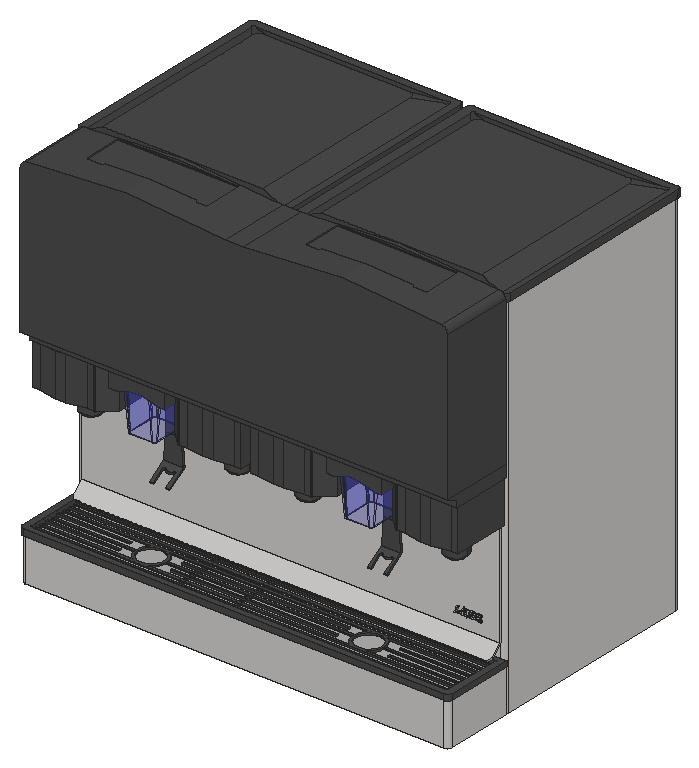
Revit family "QF_LANCER_FS44", category Specialty Equipment, Revit 2012
Parameters
  Width [instance] = 44 7/8"  # constant formula
  Weight in Pounds = 620
  Watts = 0 W
  Waste Water Discharge Temperature [instance] = -459.67 °F
  Volts = 120 V
  URL Cutsheet = "www.lancercorp.com"
  URL = "www.lancercorp.com"
  Type Mark [instance] = ""
  Status [instance] = ""
  Specification by User [instance] = ""
  Specification by Manufacturer = ""
  Show Logo [instance] = yes
  Show Clearance [instance] = yes
  Serial Number = ""
  Seismic Rating = ""
  SMACNA No = ""
  Revision Code [instance] = ""
  Plumbing Remarks [instance] = ""
  Plumbing Connection Type [instance] = ""
  Phase = 1
  Omniclass Number and Title = ""
  Number of Poles = 1
  NAFEM Spec ID Number = ""
  Model = "FS44"
  Min Ckt Ampacity = 0 A
  Max Overcurrent Protection = 0 A
  Masterspec = ""
  Manufacturer = "LANCER"
  Item Number [instance] = ""
  Installed By [instance] = ""
  Indirect Waste Size = 3/4"
  Indirect Waste Flow [instance] = 0 GPM
  Indirect Waste Connection Type [instance] = ""
  Indirect Waste Connection Height = 0"
  Identify Quantity as Lot [instance] = yes
  Height [instance] = 40 1/4"  # constant formula
  HP = ""
  Furnished By [instance] = ""
  Foodservice Equipment Identifier [instance] = yes
  FL Amps = 14 A
  Electrical Remarks [instance] = ""
  Electric Connection Type [instance] = ""
  Elec Conn RI Height = 0"
  Elec Conn Connection Height = 0"
  Description = "ICE BEVERAGE DISPENSER"
  Depth [instance] = 30 3/8"  # constant formula
  Cycle = 60 Hz
  Conn Plug = ""
  Conn Conduit = yes
  Cold Water Temperature Recommended [instance] = 0 °F
  Cold Water Size = 3/8"
  Cold Water RI Height [instance] = 0"
  Cold Water Minimum Pressure = 0.00 psi
  Cold Water Maximum Pressure = 0.00 psi
  Cold Water Flow [instance] = 0 GPM
  Cold Water Consumption = ""
  Cold Water Connection Height = 0"
  CSI MasterFormat = ""
  CSI Master Format = ""
  Apparent Power = if(Phase = 3, Volts * FL Amps * 1.73, Volts * FL Amps)  # 1680 VA
Reference planes (in)
  plane 1 "BACK": y = 0
  plane 2: z = 0
  plane 3 "LEFT": x = 0
  plane 4 "RIGHT": x = 44.875
  plane 5 "FRONT": y = -30.375
  plane 6 "TOP": z = 40.25
  plane 7: x = 22.4375
  plane 8: y = -15.1875
  plane 9: y = -22.875
  plane 10: z = 5.125
  plane 11: z = 39.27616
  plane 12: x = 0.25
Forms (in)
  Extrusion 1, solid, material "QF_Finishes_Stainless Steel"
    sketch origin (0, 0, 0) x (1, 0, 0) y (0, 1, 0)
      loop
        line (0.625, -23.375) -> (0.625, -29.5)
        arc (0.625, -29.5) -> (0.69822, -29.67678) -> (0.875, -29.75) r 0.25
        line (0.875, -29.75) -> (44, -29.75)
        arc (44, -29.75) -> (44.17678, -29.67678) -> (44.25, -29.5) r 0.25
        line (44.25, -29.5) -> (44.25, -23.375) -> (0.625, -23.375)
    from 0 to 0.5
  Extrusion 2, solid, material "QF_Finishes_Black"
    sketch origin (-4.83017, -180, 5.125) x (-1, 0, 0) y (0, -1, 0)
      loop
        line (-4.83017, -157.125) -> (-4.83017, -150.125)
        arc (-4.83017, -150.125) -> (-4.97662, -149.77145) -> (-5.33017, -149.625) r 0.5
        line (-5.33017, -149.625) -> (-49.20517, -149.625)
        arc (-49.20517, -149.625) -> (-49.55872, -149.77145) -> (-49.70517, -150.125) r 0.5
        line (-49.70517, -150.125) -> (-49.70517, -157.125) -> (-4.83017, -157.125)
      loop
        line (-49.08017, -156.625) -> (-5.45517, -156.625) -> (-5.45517, -150.5)
        arc (-5.45517, -150.5) -> (-5.52839, -150.32322) -> (-5.70517, -150.25) r 0.25
        line (-5.70517, -150.25) -> (-48.83017, -150.25)
        arc (-48.83017, -150.25) -> (-49.00695, -150.32322) -> (-49.08017, -150.5) r 0.25
        line (-49.08017, -150.5) -> (-49.08017, -156.625)
    from 0 to -0.59152
  Extrusion 3, solid, material "QF_Finishes_Stainless Steel"
    sketch origin (0, 0, 0) x (1, 0, 0) y (0, 1, 0)
      loop
        arc (0.625, -0.125) -> (0.27145, -0.27145) -> (0.125, -0.625) r 0.5
        line (0.125, -0.625) -> (0.125, -22.375)
        arc (0.125, -22.375) -> (0.27145, -22.72855) -> (0.625, -22.875) r 0.5
        line (0.625, -22.875) -> (44.25, -22.875)
        arc (44.25, -22.875) -> (44.60355, -22.72855) -> (44.75, -22.375) r 0.5
        line (44.75, -22.375) -> (44.75, -0.625)
        arc (44.75, -0.625) -> (44.60355, -0.27145) -> (44.25, -0.125) r 0.5
        line (44.25, -0.125) -> (0.625, -0.125)
    from 0 to 38.52859
  Extrusion 4, solid, material "QF_Finishes_Black"
    sketch origin (0, 0, -2.75) x (0, 1, 0) y (0, 0, 1)
      loop
        line (-29.15503, 24.875) -> (-22.875, 24.875) -> (-22.875, 26.13961) -> (-30.375, 26.13961) -> (-29.15503, 25.57073) -> (-29.15503, 24.875)
    from 0.125 to 44.75002
  Extrusion 5, solid, material "QF_Finishes_Stainless Steel"
    sketch origin (22.4375, 11.66928, 48) x (0, 1, 0) y (0, 0, 1)
      loop
        line (-34.54428, -27.625) -> (-34.66928, -27.625) -> (-34.66928, -41.36988) -> (-35.5988, -42.2994) -> (-35.51041, -42.38779) -> (-34.54428, -41.42166) -> (-34.54428, -27.625)
    from -21.8125 to 21.8125
  Extrusion 6, solid, material "QF_Finishes_Stainless Steel"
    sketch origin (22.4375, -23.92952, 5.7006) x (0, 0.707107, 0.707107) y (-1, 0, 0)
      loop
        arc (0, 21.8125) -> (-0.35355, 21.66605) -> (-0.5, 21.3125) r 0.5
        line (-0.5, 21.3125) -> (-0.5, -21.3125)
        arc (-0.5, -21.3125) -> (-0.35355, -21.66605) -> (0, -21.8125) r 0.5
        line (0, -21.8125) -> (0, 21.8125)
    from 0 to -0.125
  Extrusion 7, solid, material "QF_Finishes_Black"
    sketch origin (-11.02441, -22.875, 45.25) x (-1, 0, 0) y (0, 0, 1)
      loop
        line (-19.23484, -23.125) -> (-25.00147, -23.125) -> (-25.00147, -24.87044) -> (-24.30211, -24.87044)
        arc (-24.30211, -24.87044) -> (-22.17085, -24.40607) -> (-20.03959, -24.87044) r 5.12296
        line (-20.03959, -24.87044) -> (-19.23484, -24.87044) -> (-19.23484, -23.125)
    from 0 to -6
  Extrusion 8, solid, material "QF_Finishes_Black"
    sketch origin (0, 0, 4.53348) x (1, 0, 0) y (0, 1, 0)
      loop
        line (0.625, -23.375) -> (0.625, -29.5)
        arc (0.625, -29.5) -> (0.69822, -29.67678) -> (0.875, -29.75) r 0.25
        line (0.875, -29.75) -> (44, -29.75)
        arc (44, -29.75) -> (44.17678, -29.67678) -> (44.25, -29.5) r 0.25
        line (44.25, -29.5) -> (44.25, -23.375) -> (0.625, -23.375)
      loop
        line (0.875, -23.625) -> (0.875, -29.5) -> (15.39794, -29.5) -> (15.39794, -23.625) -> (0.875, -23.625)
      loop
        line (21.22476, -29.5) -> (21.22476, -23.625) -> (15.65024, -23.625) -> (15.65024, -29.5) -> (21.22476, -29.5)
      loop
        line (44, -23.625) -> (21.47706, -23.625) -> (21.47706, -29.5) -> (44, -29.5) -> (44, -23.625)
    from 0 to 0.125
  Extrusion 9, solid, material "QF_Finishes_Black"
    sketch origin (0, 0, 4.65848) x (1, 0, 0) y (0, 1, 0)
      loop
        line (0.6875, -23.8125) -> (0.6875, -24.0625) -> (44.1875, -24.0625) -> (44.1875, -23.8125) -> (0.6875, -23.8125)
      loop
        line (0.6875, -24.5625) -> (0.6875, -24.8125) -> (18.32203, -24.8125) -> (44.1875, -24.8125) -> (44.1875, -24.5625) -> (18.79462, -24.5625) -> (0.6875, -24.5625)
      loop
        line (0.6875, -25.30532) -> (0.6875, -25.55532) -> (10.16786, -25.55532)
        arc (10.16786, -25.55532) -> (9.65019, -26.08526) -> (9.42478, -26.79095) r 1.60932
        line (9.42478, -26.79095) -> (0.6875, -26.79095) -> (0.6875, -27.04095) -> (9.42498, -27.04095)
        arc (9.42498, -27.04095) -> (9.65214, -27.74725) -> (10.172, -28.27658) r 1.60932
        line (10.172, -28.27658) -> (0.6875, -28.27658) -> (0.6875, -28.52658) -> (18.4375, -28.52658) -> (44.1875, -28.52658) -> (44.1875, -28.27658) -> (34.58769, -28.27658)
        arc (34.58769, -28.27658) -> (35.10755, -27.74725) -> (35.33471, -27.04095) r 1.60932
        line (35.33471, -27.04095) -> (44.1875, -27.04095) -> (44.1875, -26.79095) -> (35.33491, -26.79095)
        arc (35.33491, -26.79095) -> (35.10949, -26.08526) -> (34.59183, -25.55532) r 1.60932
        line (34.59183, -25.55532) -> (44.1875, -25.55532) -> (44.1875, -25.30532) -> (18.4375, -25.30532) -> (0.6875, -25.30532)
      loop
        line (0.6875, -26.04813) -> (0.6875, -26.29813) -> (8.33353, -26.29813) -> (8.33353, -26.04813) -> (0.6875, -26.04813)
      loop
        line (0.6875, -27.53377) -> (0.6875, -27.78377) -> (8.33353, -27.78377) -> (8.33353, -27.53377) -> (0.6875, -27.53377)
      loop
        line (0.6875, -29.0194) -> (0.6875, -29.2694) -> (18.52687, -29.2694) -> (44.1875, -29.2694) -> (44.1875, -29.0194) -> (18.19132, -29.0194) -> (0.6875, -29.0194)
      loop
        circle (11.02934, -26.91464) r 1.35932
      loop
        line (44.1875, -26.04813) -> (36.42616, -26.04813) -> (36.42616, -26.29813) -> (44.1875, -26.29813) -> (44.1875, -26.04813)
      loop
        line (13.72515, -26.29813) -> (31.03453, -26.29813) -> (31.03453, -26.04813) -> (13.72515, -26.04813) -> (13.72515, -26.29813)
      loop
        line (44.1875, -27.53377) -> (36.42616, -27.53377) -> (36.42616, -27.78377) -> (44.1875, -27.78377) -> (44.1875, -27.53377)
      loop
        line (13.72515, -27.78377) -> (31.03453, -27.78377) -> (31.03453, -27.53377) -> (13.72515, -27.53377) -> (13.72515, -27.78377)
      loop
        arc (11.89083, -25.55532) -> (12.40849, -26.08526) -> (12.63391, -26.79095) r 1.60932
        line (12.63391, -26.79095) -> (32.12578, -26.79095)
        arc (32.12578, -26.79095) -> (32.3512, -26.08526) -> (32.86886, -25.55532) r 1.60932
        line (32.86886, -25.55532) -> (11.89083, -25.55532)
      loop
        arc (12.6337, -27.04095) -> (12.40655, -27.74725) -> (11.88669, -28.27658) r 1.60932
        line (11.88669, -28.27658) -> (32.873, -28.27658)
        arc (32.873, -28.27658) -> (32.35314, -27.74725) -> (32.12599, -27.04095) r 1.60932
        line (32.12599, -27.04095) -> (12.6337, -27.04095)
      loop
        circle (33.73035, -26.91464) r 1.35932
    from 0 to 0.125
  Sweep 10, solid, material "Glass"
    path origin (-16.12835, -180, 20.82962) x (-1, 0, 0) y (0, -1, 0)
      loop
        arc (-25.62906, -151.97342) -> (-25.77551, -151.61986) -> (-26.12906, -151.47342) r 0.5
        line (-26.12906, -151.47342) -> (-28.40628, -151.47342)
        arc (-28.40628, -151.47342) -> (-28.75983, -151.61986) -> (-28.90628, -151.97342) r 0.5
        line (-28.90628, -151.97342) -> (-28.90628, -154.88218)
        arc (-28.90628, -154.88218) -> (-28.75983, -155.23574) -> (-28.40628, -155.38218) r 0.5
        line (-28.40628, -155.38218) -> (-26.12906, -155.38218)
        arc (-26.12906, -155.38218) -> (-25.77551, -155.23574) -> (-25.62906, -154.88218) r 0.5
        line (-25.62906, -154.88218) -> (-25.62906, -151.97342)
    profile origin (9.50072, -26.5722, 20.82962) x (-1, 0, 0) y (0, 0, 1)
      loop
        line (0, 0) -> (-0.26822, -4.40982) -> (-0.13581, -4.40982) -> (0.25, 0) -> (0, 0)
  Extrusion 11, solid, material "QF_Finishes_Black"
    sketch origin (11.087, 11.66928, 45.25) x (0, 1, 0) y (0, 0, 1)
      loop
        line (-35.71407, -24.42385) -> (-35.71407, -30.375) -> (-34.71407, -30.375) -> (-34.71407, -24.42385) -> (-35.71407, -24.42385)
    from -0.83198 to 0.81163
  Extrusion 12, solid, material "QF_Finishes_Stainless Steel"
    sketch origin (0, 0, 0) x (1, 0, 0) y (0, 1, 0)
      loop
        line (0.125, -22.875) -> (0.125, -29.75)
        arc (0.125, -29.75) -> (0.27145, -30.10355) -> (0.625, -30.25) r 0.5
        line (0.625, -30.25) -> (44.25, -30.25)
        arc (44.25, -30.25) -> (44.60355, -30.10355) -> (44.75, -29.75) r 0.5
        line (44.75, -29.75) -> (44.75, -22.875) -> (0.125, -22.875)
      loop
        line (0.625, -23.375) -> (0.625, -29.5)
        arc (0.625, -29.5) -> (0.69822, -29.67678) -> (0.875, -29.75) r 0.25
        line (0.875, -29.75) -> (44, -29.75)
        arc (44, -29.75) -> (44.17678, -29.67678) -> (44.25, -29.5) r 0.25
        line (44.25, -29.5) -> (44.25, -23.375) -> (0.625, -23.375)
    from 0 to 4.53348
  Extrusion 13, solid, material "QF_Finishes_Black"
    sketch origin (-4.15302, 0, -1.8077) x (0, 1, 0) y (0, 0, 1)
      loop
        line (-24.04478, 16.6827) -> (-24.04478, 13.95706) -> (-25.87065, 12.7255) -> (-25.80075, 12.62187) -> (-23.91978, 13.89059) -> (-23.91978, 16.6827) -> (-24.04478, 16.6827)
    from 14.23992 to 16.23992
  Extrusion 14, void
    sketch origin (-11.3505, 0, -1.8077) x (1, 0, 0) y (0, 1, 0)
      loop
        line (21.78464, -26.07035) -> (23.09036, -26.07035) -> (23.15895, -24.76171)
        arc (23.15895, -24.76171) -> (23.06403, -24.5869) -> (22.86518, -24.5921) r 0.19036
        arc (22.86518, -24.5921) -> (22.4375, -24.71879) -> (22.00982, -24.5921) r 0.78525
        arc (22.00982, -24.5921) -> (21.81097, -24.5869) -> (21.71605, -24.76171) r 0.19036
        line (21.71605, -24.76171) -> (21.78464, -26.07035)
    from 12.41996 to 14.39164
  Extrusion 15, void
    sketch origin (-4.15302, -23.91978, 14.875) x (0, 0, 1) y (-1, 0, 0)
      loop
        line (-2.59448, -14.23101) -> (0.04691, -14.41571) -> (0.04691, -14.08311) -> (-2.59448, -14.08311) -> (-2.59448, -14.23101)
      loop
        line (-2.59448, -16.22868) -> (-2.59448, -16.37657) -> (0, -16.37657) -> (0, -16.04726) -> (-2.59448, -16.22868)
    from 0 to 0.25
  Extrusion 16, solid, material "QF_Finishes_Black"
    sketch origin (55.89941, -22.875, 45.25) x (1, 0, 0) y (0, 0, -1)
      loop
        line (-19.23484, 23.125) -> (-19.23484, 24.87044) -> (-20.03959, 24.87044)
        arc (-20.03959, 24.87044) -> (-22.17085, 24.40607) -> (-24.30211, 24.87044) r 5.12296
        line (-24.30211, 24.87044) -> (-25.00147, 24.87044) -> (-25.00147, 23.125) -> (-19.23484, 23.125)
    from 0 to -6
  Sweep 17, solid, material "Glass"
    path origin (61.00335, -180, 20.82962) x (1, 0, 0) y (0, 1, 0)
      loop
        line (-25.62906, 151.97342) -> (-25.62906, 154.88218)
        arc (-25.62906, 154.88218) -> (-25.77551, 155.23574) -> (-26.12906, 155.38218) r 0.5
        line (-26.12906, 155.38218) -> (-28.40628, 155.38218)
        arc (-28.40628, 155.38218) -> (-28.75983, 155.23574) -> (-28.90628, 154.88218) r 0.5
        line (-28.90628, 154.88218) -> (-28.90628, 151.97342)
        arc (-28.90628, 151.97342) -> (-28.75983, 151.61986) -> (-28.40628, 151.47342) r 0.5
        line (-28.40628, 151.47342) -> (-26.12906, 151.47342)
        arc (-26.12906, 151.47342) -> (-25.77551, 151.61986) -> (-25.62906, 151.97342) r 0.5
    profile origin (35.37428, -26.5722, 20.82962) x (-1, 0, 0) y (0, 0, 1)
      loop
        line (0, 0) -> (-0.25, 0) -> (0.13581, -4.40982) -> (0.26822, -4.40982) -> (0, 0)
  Extrusion 18, solid, material "QF_Finishes_Black"
    sketch origin (33.788, 11.66928, 45.25) x (0, 1, 0) y (0, 0, -1)
      loop
        line (-35.71407, 24.42385) -> (-34.71407, 24.42385) -> (-34.71407, 30.375) -> (-35.71407, 30.375) -> (-35.71407, 24.42385)
    from -0.83198 to 0.81163
  Extrusion 19, solid, material "QF_Finishes_Black"
    sketch origin (49.02802, 0, -1.8077) x (0, 1, 0) y (0, 0, -1)
      loop
        line (-24.04478, -16.6827) -> (-23.91978, -16.6827) -> (-23.91978, -13.89059) -> (-25.80075, -12.62187) -> (-25.87065, -12.7255) -> (-24.04478, -13.95706) -> (-24.04478, -16.6827)
    from 14.23992 to 16.23992
  Extrusion 20, void
    sketch origin (49.02802, -23.91978, 14.875) x (0, 0, 1) y (-1, 0, 0)
      loop
        line (-2.59448, 14.23101) -> (-2.59448, 14.08311) -> (0.04691, 14.08311) -> (0.04691, 14.41571) -> (-2.59448, 14.23101)
      loop
        line (-2.59448, 16.22868) -> (0, 16.04726) -> (0, 16.37657) -> (-2.59448, 16.37657) -> (-2.59448, 16.22868)
    from 0 to 0.25
  Extrusion 21, void
    sketch origin (56.2255, 0, -1.8077) x (-1, 0, 0) y (0, -1, 0)
      loop
        line (21.78464, 26.07035) -> (21.71605, 24.76171)
        arc (21.71605, 24.76171) -> (21.81097, 24.5869) -> (22.00982, 24.5921) r 0.19036
        arc (22.00982, 24.5921) -> (22.4375, 24.71879) -> (22.86518, 24.5921) r 0.78525
        arc (22.86518, 24.5921) -> (23.06403, 24.5869) -> (23.15895, 24.76171) r 0.19036
        line (23.15895, 24.76171) -> (23.09036, 26.07035) -> (21.78464, 26.07035)
    from 12.41996 to 14.39164
  Extrusion 22, solid, material "QF_Finishes_Black"
    sketch origin (0, -30.5, 0) x (1, 0, 0) y (0, 0, 1)
      loop
        line (0.125, 23.38961) -> (44.75, 23.38961) -> (44.75, 38.78346)
        arc (44.75, 38.78346) -> (44.56602, 39.27551) -> (44.10435, 39.52616) r 0.75
        arc (44.10435, 39.52616) -> (33.75, 40.25) -> (23.39565, 39.52616) r 74.42032
        line (23.39565, 39.52616) -> (21.47935, 39.52616)
        arc (21.47935, 39.52616) -> (11.125, 40.25) -> (0.77065, 39.52616) r 74.42032
        arc (0.77065, 39.52616) -> (0.30898, 39.27551) -> (0.125, 38.78346) r 0.75
        line (0.125, 38.78346) -> (0.125, 23.38961)
    from -0.125 to -7.625
  Extrusion 23, solid, material "QF_Finishes_Black"
    sketch origin (0, 0, 38.52859) x (1, 0, 0) y (0, 1, 0)
      loop
        line (21.65625, 0) -> (0.5, 0)
        arc (0.5, 0) -> (0.14645, -0.14645) -> (0, -0.5) r 0.5
        line (0, -0.5) -> (0, -22.375)
        arc (0, -22.375) -> (0.14645, -22.72855) -> (0.5, -22.875) r 0.5
        line (0.5, -22.875) -> (21.65625, -22.875)
        arc (21.65625, -22.875) -> (22.0098, -22.72855) -> (22.15625, -22.375) r 0.5
        line (22.15625, -22.375) -> (22.15625, -0.5)
        arc (22.15625, -0.5) -> (22.0098, -0.14645) -> (21.65625, 0) r 0.5
    from 0 to 0.75
  Blend 24, solid, material "QF_Finishes_Black"
    base sketch origin (0, 0, 39.27859) x (1, 0, 0) y (0, 1, 0)
      loop
        line (21.15625, -0.75) -> (1, -0.75)
        arc (1, -0.75) -> (0.82322, -0.82322) -> (0.75, -1) r 0.25
        line (0.75, -1) -> (0.75, -22.875) -> (21.40625, -22.875) -> (21.40625, -1)
        arc (21.40625, -1) -> (21.33303, -0.82322) -> (21.15625, -0.75) r 0.25
    top sketch origin (0, 0, 39.27859) x (1, 0, 0) y (0, 1, 0)
      loop
        line (18.65625, -2.75) -> (3.5, -2.75)
        arc (3.5, -2.75) -> (2.96967, -2.96967) -> (2.75, -3.5) r 0.75
        line (2.75, -3.5) -> (2.75, -22.875) -> (19.40625, -22.875) -> (19.40625, -3.5)
        arc (19.40625, -3.5) -> (19.18658, -2.96967) -> (18.65625, -2.75) r 0.75
    from 0 to 0.97141
  Blend 25, solid, material "QF_Finishes_Black"
    base sketch origin (44.875, 0, 39.27859) x (-1, 0, 0) y (0, -1, 0)
      loop
        arc (21, 0.75) -> (21.17678, 0.82322) -> (21.25, 1) r 0.25
        line (21.25, 1) -> (21.25, 22.875) -> (0.59375, 22.875) -> (0.59375, 1)
        arc (0.59375, 1) -> (0.66697, 0.82322) -> (0.84375, 0.75) r 0.25
        line (0.84375, 0.75) -> (21, 0.75)
    top sketch origin (44.875, 0, 39.27859) x (-1, 0, 0) y (0, -1, 0)
      loop
        arc (18.5, 2.75) -> (19.03033, 2.96967) -> (19.25, 3.5) r 0.75
        line (19.25, 3.5) -> (19.25, 22.875) -> (2.59375, 22.875) -> (2.59375, 3.5)
        arc (2.59375, 3.5) -> (2.81342, 2.96967) -> (3.34375, 2.75) r 0.75
        line (3.34375, 2.75) -> (18.5, 2.75)
    from 0 to 0.97141
  Extrusion 26, solid, material "QF_Finishes_Black"
    sketch origin (0, 0, 38.52859) x (1, 0, 0) y (0, 1, 0)
      loop
        arc (23.24219, 0) -> (22.88863, -0.14645) -> (22.74219, -0.5) r 0.5
        line (22.74219, -0.5) -> (22.74219, -22.375)
        arc (22.74219, -22.375) -> (22.88863, -22.72855) -> (23.24219, -22.875) r 0.5
        line (23.24219, -22.875) -> (44.375, -22.875)
        arc (44.375, -22.875) -> (44.72855, -22.72855) -> (44.875, -22.375) r 0.5
        line (44.875, -22.375) -> (44.875, -0.5)
        arc (44.875, -0.5) -> (44.72855, -0.14645) -> (44.375, 0) r 0.5
        line (44.375, 0) -> (23.24219, 0)
    from 0 to 0.75
  Extrusion 27, void
    sketch origin (0, 0, 40.25) x (-1, 0, 0) y (0, -1, 0)
      loop
        line (-4.75, 23.375) -> (-4.75, 27.375) -> (-17.25, 27.375) -> (-17.25, 23.375) -> (-4.75, 23.375)
      loop
        line (-40.125, 23.375) -> (-27.625, 23.375) -> (-27.625, 27.375) -> (-40.125, 27.375) -> (-40.125, 23.375)
    from -0.33992 to 0.36244
  Extrusion 28, solid, material "QF_Finishes_Stainless Steel"
    sketch origin (2.09375, -0.125, -0.5) x (1, 0, 0) y (0, 0, -1)
      loop
        circle (20.32419, -19.76094) r 0.75
      loop
        circle (41.46875, -1.6875) r 0.1875
    from 0 to 0.0625
  Extrusion 29, solid, material "QF_Finishes_Stainless Steel"
    sketch origin (0, 0, 0) x (0, 1, 0) y (1, 0, 0)
      loop
        circle (-26.62438, 22.4375) r 0.375
    from 0 to 0.0625
Cuts and joins
  joined: Extrusion 5, Extrusion 6
  Extrusion 14, Extrusion 15, Extrusion 20, Extrusion 21 cuts Extrusion 13
  Extrusion 20 cuts Extrusion 11
  Extrusion 20 cuts Extrusion 18
  Extrusion 20, Extrusion 21 cuts Extrusion 19
  Extrusion 27 cuts Extrusion 22
Lines and regions (in)
  Split face 1
    outline origin (0, -30.375, 0) x (1, 0, 0) y (0, 0, 1)
      loop
        line (1, 38.75) -> (1, 24.38961) -> (43.875, 24.38961) -> (43.875, 38.75) -> (1, 38.75)
  symbolic lines
    curve 1: line (0.5, -30.375, 5.125) -> (44.375, -30.375, 5.125)
    curve 2: line (0, -0.5, 5.125) -> (0, -22.375, 5.125)
    curve 3: line (44.875, -29.875, 5.125) -> (44.875, -22.875, 5.125)
    curve 4: arc (0.5, 0, 5.125) -> (0.14645, -0.14645, 5.125) -> (0, -0.5, 5.125) r 0.5
    curve 5: arc (44.875, -0.5, 5.125) -> (44.72855, -0.14645, 5.125) -> (44.375, 0, 5.125) r 0.5
    curve 6: line (1, -0.75, 5.125) -> (21.15625, -0.75, 5.125)
    curve 7: arc (44.03125, -0.75, 5.125) -> (44.20803, -0.82322, 5.125) -> (44.28125, -1, 5.125) r 0.25
    curve 8: line (44.28125, -1, 5.125) -> (44.28125, -22.875, 5.125)
    curve 9: line (44.875, -22.875, 5.125) -> (0, -22.875, 5.125)
    curve 10: line (0.75, -22.875, 5.125) -> (0.75, -1, 5.125)
    curve 11: arc (0.75, -1, 5.125) -> (0.82322, -0.82322, 5.125) -> (1, -0.75, 5.125) r 0.25
    curve 12: arc (3.5, -2.75, 5.125) -> (2.96967, -2.96967, 5.125) -> (2.75, -3.5, 5.125) r 0.75
    curve 13: line (2.75, -3.5, 5.125) -> (2.75, -22.875, 5.125)
    curve 14: line (41.53125, -2.75, 5.125) -> (26.375, -2.75, 5.125)
    curve 15: arc (42.28125, -3.5, 5.125) -> (42.06158, -2.96967, 5.125) -> (41.53125, -2.75, 5.125) r 0.75
    curve 16: line (42.28125, -22.875, 5.125) -> (42.28125, -3.5, 5.125)
    curve 17: arc (0, -22.375, 5.125) -> (0.14645, -22.72855, 5.125) -> (0.5, -22.875, 5.125) r 0.5
    curve 18: arc (44.375, -22.875, 5.125) -> (44.72855, -22.72855, 5.125) -> (44.875, -22.375, 5.125) r 0.5
    curve 19: line (0, -22.875, 5.125) -> (0, -29.875, 5.125)
    curve 20: line (44.875, -22.375, 5.125) -> (44.875, -0.5, 5.125)
    curve 21: arc (0.5, -30.375, 5.125) -> (0.14645, -30.22855, 5.125) -> (0, -29.875, 5.125) r 0.5
    curve 22: arc (44.375, -30.375, 5.125) -> (44.72855, -30.22855, 5.125) -> (44.875, -29.875, 5.125) r 0.5
    curve 23: arc (21.15625, -0.75, 5.125) -> (21.33303, -0.82322, 5.125) -> (21.40625, -1, 5.125) r 0.25
    curve 24: arc (23.625, -1, 5.125) -> (23.69822, -0.82322, 5.125) -> (23.875, -0.75, 5.125) r 0.25
    curve 25: line (23.625, -22.875, 5.125) -> (23.625, -1, 5.125)
    curve 26: line (21.40625, -1, 5.125) -> (21.40625, -22.875, 5.125)
    curve 27: arc (22.15625, -0.5, 5.125) -> (22.0098, -0.14645, 5.125) -> (21.65625, 0, 5.125) r 0.5
    curve 28: line (22.15625, -22.375, 5.125) -> (22.15625, -0.5, 5.125)
    curve 29: arc (23.24219, 0, 5.125) -> (22.88863, -0.14645, 5.125) -> (22.74219, -0.5, 5.125) r 0.5
    curve 30: line (22.74219, -0.5, 5.125) -> (22.74219, -22.375, 5.125)
    curve 31: arc (19.40625, -3.5, 5.125) -> (19.18658, -2.96967, 5.125) -> (18.65625, -2.75, 5.125) r 0.75
    curve 32: line (19.40625, -22.875, 5.125) -> (19.40625, -3.5, 5.125)
    curve 33: arc (26.375, -2.75, 5.125) -> (25.84467, -2.96967, 5.125) -> (25.625, -3.5, 5.125) r 0.75
    curve 34: line (25.625, -3.5, 5.125) -> (25.625, -22.875, 5.125)
    curve 35: line (23.875, -0.75, 5.125) -> (44.03125, -0.75, 5.125)
    curve 36: line (18.65625, -2.75, 5.125) -> (3.5, -2.75, 5.125)
    curve 37: arc (21.65625, -22.875, 5.125) -> (22.0098, -22.72855, 5.125) -> (22.15625, -22.375, 5.125) r 0.5
    curve 38: arc (22.74219, -22.375, 5.125) -> (22.88863, -22.72855, 5.125) -> (23.24219, -22.875, 5.125) r 0.5
    curve 39: line (4.75, -23.375, 5.125) -> (4.75, -27.375, 5.125)
    curve 40: line (17.25, -23.375, 5.125) -> (4.75, -23.375, 5.125)
    curve 41: line (4.75, -27.375, 5.125) -> (17.25, -27.375, 5.125)
    curve 42: line (17.25, -27.375, 5.125) -> (17.25, -23.375, 5.125)
    curve 43: line (27.625, -23.375, 5.125) -> (27.625, -27.375, 5.125)
    curve 44: line (40.125, -23.375, 5.125) -> (27.625, -23.375, 5.125)
    curve 45: line (27.625, -27.375, 5.125) -> (40.125, -27.375, 5.125)
    curve 46: line (40.125, -27.375, 5.125) -> (40.125, -23.375, 5.125)
    curve 47: line (0.5, 0, 5.125) -> (44.375, 0, 5.125)
Dimensions and locks (in)
  "Width": plane 3 "LEFT" to plane 4 "RIGHT"
  "Depth": plane 5 "FRONT" to plane 1 "BACK"
  equal spacing: plane 3 "LEFT", plane 7, plane 4 "RIGHT"
  equal spacing: plane 5 "FRONT", plane 8, plane 1 "BACK"
  "Height": plane 6 "TOP" to level
  plane 9 to plane 5 "FRONT" = 7 1/2"
  plane 10 to level = 5 1/8"
  plane 1 "BACK" to plane 9 = 22 7/8"
  curve 13 to Extrusion 27 sketch curve = 2"
  aligned and locked: level to plane 2
Automatic sketch dimensions
  plane 3 "LEFT" to Extrusion 1 sketch curve = 5/8"
  Extrusion 1 sketch curve to Extrusion 1 sketch curve = 1/4"
  plane 4 "RIGHT" to Extrusion 1 sketch curve = 7/8"
  plane 4 "RIGHT" to Extrusion 1 sketch curve = 5/8"
  Extrusion 1 sketch curve to plane 5 "FRONT" = 5/8"
  Extrusion 1 sketch curve to plane 9 = 1/2"
  Extrusion 2 sketch curve to plane 4 "RIGHT" = 0"
  plane 5 "FRONT" to Extrusion 2 sketch curve = 0"
  Extrusion 2 sketch curve to plane 3 "LEFT" = 0"
  Extrusion 2 sketch curve to plane 9 = 0"
  plane 4 "RIGHT" to Extrusion 2 sketch curve = 1/2"
  Extrusion 2 sketch curve to Extrusion 2 sketch curve = 1/8"
  Extrusion 2 sketch curve to Extrusion 2 sketch curve = 1/4"
  plane 3 "LEFT" to Extrusion 2 sketch curve = 7/8"
  plane 3 "LEFT" to Extrusion 2 sketch curve = 5/8"
  plane 3 "LEFT" to Extrusion 2 sketch curve = 1/2"
  Extrusion 2 sketch curve to plane 9 = 1/2"
  Extrusion 2 sketch curve to Extrusion 2 sketch curve = 3/8"
  Extrusion 3 sketch curve to plane 9 = 0"
  plane 3 "LEFT" to Extrusion 3 sketch curve = 1/8"
  plane 3 "LEFT" to Extrusion 3 sketch curve = 5/8"  (x2)
  plane 1 "BACK" to Extrusion 3 sketch curve = 1/8"
  plane 4 "RIGHT" to Extrusion 3 sketch curve = 5/8"  (x2)
  plane 4 "RIGHT" to Extrusion 3 sketch curve = 1/8"
  Extrusion 4 sketch curve to plane 5 "FRONT" = 0"
  Extrusion 4 sketch curve to plane 9 = 0"
  Extrusion 4 sketch curve to plane 5 "FRONT" = 1.21997"
  Extrusion 4 sketch curve to Extrusion 4 sketch curve = 0.69573"
  Extrusion 4 sketch curve to Extrusion 4 sketch curve = 1.26461"
  Extrusion 5 sketch curve to plane 9 = 0"
  Extrusion 5 sketch curve to plane 9 = 1/8"
  plane 10 to Extrusion 5 sketch curve = 0.48721"
  Extrusion 5 sketch curve to plane 9 = 0.96613"
  plane 10 to Extrusion 5 sketch curve = 0.5756"
  Extrusion 5 sketch curve to Extrusion 5 sketch curve = 0.08839"
  Extrusion 6 sketch curve to Extrusion 5 = 0"  (x3)
  Extrusion 5 to Extrusion 6 sketch curve = 1/2"
  Extrusion 7 sketch curve to plane 7 = 8.46044"
  Extrusion 7 sketch curve to Extrusion 7 sketch curve = 0.69936"
  Extrusion 7 sketch curve to Extrusion 7 sketch curve = 2.13126"
  Extrusion 7 sketch curve to Extrusion 7 sketch curve = 4.26252"
  Extrusion 7 sketch curve to Extrusion 7 sketch curve = 0.80475"
  Extrusion 7 sketch curve to Extrusion 7 sketch curve = 1.74544"
  Extrusion 7 sketch curve to Extrusion 7 sketch curve = 4.65859"
  plane 3 "LEFT" to Extrusion 8 sketch curve = 5/8"
  Extrusion 8 sketch curve to Extrusion 8 sketch curve = 1/4"  (x3)
  Extrusion 8 sketch curve to Extrusion 8 sketch curve = 0"  (x5)
  Extrusion 8 sketch curve to plane 9 = 3/4"  (x2)
  Extrusion 8 sketch curve to plane 7 = 7.03956"
  Extrusion 8 sketch curve to Extrusion 8 sketch curve = 0.2523"  (x2)
  Extrusion 8 sketch curve to plane 7 = 1.21274"
  plane 4 "RIGHT" to Extrusion 8 sketch curve = 7/8"
  Extrusion 8 sketch curve to plane 5 "FRONT" = 7/8"  (x2)
  Extrusion 9 sketch curve to Extrusion 9 sketch curve = 0"  (x43)
  Extrusion 9 sketch curve to Extrusion 8 = 1/16"  (x16)
  Extrusion 8 to Extrusion 9 sketch curve = 1.96623"
  Extrusion 8 to Extrusion 9 sketch curve = 7.06441"
  Extrusion 9 sketch curve to Extrusion 9 sketch curve = 1.09125"  (x4)
  Extrusion 9 sketch curve to Extrusion 9 sketch curve = 0.0002"  (x4)
  Extrusion 9 sketch curve to Extrusion 9 sketch curve = 0.74308"  (x2)
  Extrusion 9 sketch curve to Extrusion 9 sketch curve = 0.74701"  (x4)
  Extrusion 9 sketch curve to Extrusion 9 sketch curve = 1.60456"
  Extrusion 9 sketch curve to Extrusion 9 sketch curve = 0.85735"  (x2)
  Extrusion 9 sketch curve to Extrusion 9 sketch curve = 0.86149"  (x2)
  Extrusion 9 sketch curve to Extrusion 9 sketch curve = 1.09145"  (x2)
  Extrusion 8 to Extrusion 9 sketch curve = 0.4806"
  Extrusion 8 to Extrusion 9 sketch curve = 2.54108"
  Extrusion 8 to Extrusion 9 sketch curve = 1 3/16"
  Extrusion 8 to Extrusion 9 sketch curve = 2.67179"
  Extrusion 9 sketch curve to Extrusion 9 sketch curve = 0.11547"
  Extrusion 9 sketch curve to Extrusion 9 sketch curve = 0.24618"
  Extrusion 9 sketch curve to Extrusion 9 sketch curve = 0.33555"
  Extrusion 9 sketch curve to Extrusion 9 sketch curve = 0.47259"
  Extrusion 8 to Extrusion 9 sketch curve = 2.42313"
  Extrusion 8 to Extrusion 9 sketch curve = 9.55747"
  Extrusion 8 to Extrusion 9 sketch curve = 0.2306"
  Extrusion 9 sketch curve to Extrusion 9 sketch curve = 0.49282"  (x4)
  Extrusion 8 to Extrusion 9 sketch curve = 1.22342"
  Extrusion 9 sketch curve to Extrusion 9 sketch curve = 1/4"  (x12)
  Extrusion 8 to Extrusion 9 sketch curve = 1.71623"  (x2)
  Extrusion 8 to Extrusion 9 sketch curve = 7/16"
  Extrusion 8 to Extrusion 9 sketch curve = 3/16"
  Sweep 10 sketch curve to plane 9 = 2.24282"
  Sweep 10 sketch curve to plane 7 = 9.65957"
  Sweep 10 sketch curve to Sweep 10 sketch curve = 1/2"  (x3)
  Sweep 10 sketch curve to Sweep 10 sketch curve = 2.27722"  (x2)
  Sweep 10 sketch curve to plane 5 "FRONT" = 2.34842"
  Sweep 10 sketch curve to profile plane = 0"  (x2)
  profile plane to Sweep 10 sketch curve = 0.13581"
  Sweep 10 sketch curve to Sweep 10 sketch curve = 0.13241"
  Sweep 10 sketch curve to Sweep 10 sketch curve = 1/4"
  Sweep 10 sketch curve to profile plane = 4.40982"
  Extrusion 11 sketch curve to plane 9 = 1.16978"
  Extrusion 11 sketch curve to plane 9 = 0.16978"
  plane 10 to Extrusion 11 sketch curve = 9 3/4"
  Extrusion 12 sketch curve to plane 9 = 0"
  plane 3 "LEFT" to Extrusion 12 sketch curve = 1/8"
  Extrusion 12 sketch curve to Extrusion 12 sketch curve = 1/2"
  Extrusion 12 sketch curve to Extrusion 12 sketch curve = 0"  (x2)
  Extrusion 12 sketch curve to Extrusion 12 sketch curve = 1/4"  (x2)
  plane 4 "RIGHT" to Extrusion 12 sketch curve = 7/8"
  plane 4 "RIGHT" to Extrusion 12 sketch curve = 5/8"
  plane 4 "RIGHT" to Extrusion 12 sketch curve = 1/8"
  Extrusion 12 sketch curve to plane 9 = 1/2"
  Extrusion 12 sketch curve to plane 5 "FRONT" = 7/8"
  Extrusion 13 sketch curve to plane 9 = 2.99565"
  Extrusion 13 sketch curve to Extrusion 13 sketch curve = 0.0699"
  Extrusion 13 sketch curve to plane 9 = 1.16978"
  Extrusion 13 sketch curve to Extrusion 13 sketch curve = 1/8"
  plane 10 to Extrusion 13 sketch curve = 5.68917"
  Extrusion 13 sketch curve to Extrusion 13 sketch curve = 0.10363"
  Extrusion 13 sketch curve to Extrusion 13 sketch curve = 2.72564"
  Extrusion 14 sketch curve to plane 9 = 1 227/256"  (x2)
  plane 3 "LEFT" to Extrusion 14 sketch curve = 10.36555"
  Extrusion 14 sketch curve to Extrusion 14 sketch curve = 0.06858"
  Extrusion 14 sketch curve to Extrusion 14 sketch curve = 0.1901"
  Extrusion 14 sketch curve to Extrusion 14 sketch curve = 0.10368"  (x2)
  Extrusion 14 sketch curve to Extrusion 14 sketch curve = 0"  (x2)
  Extrusion 14 sketch curve to Extrusion 14 sketch curve = 0.42768"  (x2)
  Extrusion 14 sketch curve to plane 9 = 3.19535"
  Extrusion 14 sketch curve to Extrusion 14 sketch curve = 1.30573"
  Extrusion 14 sketch curve to Extrusion 14 sketch curve = 0.00996"
  Extrusion 15 sketch curve to Extrusion 13 = 0"
  Extrusion 15 sketch curve to Extrusion 13 = 0.19763"  (x2)
  Extrusion 13 to Extrusion 15 sketch curve = 0.00891"
  Extrusion 13 to Extrusion 15 sketch curve = 0.04691"
  Extrusion 15 sketch curve to Extrusion 13 = 45/256"
  Extrusion 15 sketch curve to Extrusion 13 = 0.19267"
  Extrusion 15 sketch curve to Extrusion 13 = 0.01124"
  Extrusion 13 to Extrusion 15 sketch curve = 0.13665"
  Extrusion 15 sketch curve to Extrusion 15 sketch curve = 0.14789"
  plane 7 to Extrusion 16 sketch curve = 8.46044"
  Extrusion 16 sketch curve to Extrusion 16 sketch curve = 0.69936"
  Extrusion 16 sketch curve to Extrusion 16 sketch curve = 2.13126"
  Extrusion 16 sketch curve to Extrusion 16 sketch curve = 4.26252"
  Extrusion 16 sketch curve to Extrusion 16 sketch curve = 0.80475"
  Extrusion 16 sketch curve to Extrusion 16 sketch curve = 1.74544"
  Extrusion 16 sketch curve to Extrusion 16 sketch curve = 4.65859"
  Sweep 17 sketch curve to plane 9 = 2.24282"
  plane 7 to Sweep 17 sketch curve = 9.65957"
  Sweep 17 sketch curve to Sweep 17 sketch curve = 1/2"  (x3)
  Sweep 17 sketch curve to Sweep 17 sketch curve = 2.27722"  (x2)
  Sweep 17 sketch curve to plane 5 "FRONT" = 2.34842"
  Sweep 17 sketch curve to profile plane = 0"  (x2)
  profile plane to Sweep 17 sketch curve = 1/4"
  Sweep 17 sketch curve to profile plane = 0.13581"
  Sweep 17 sketch curve to Sweep 17 sketch curve = 0.13241"
  Sweep 17 sketch curve to profile plane = 4.40982"
  Extrusion 18 sketch curve to plane 9 = 1.16978"
  Extrusion 18 sketch curve to plane 9 = 0.16978"
  Extrusion 18 sketch curve to Extrusion 18 sketch curve = 5.95115"
  Extrusion 19 sketch curve to plane 9 = 2.99565"
  Extrusion 19 sketch curve to Extrusion 19 sketch curve = 0.0699"
  Extrusion 19 sketch curve to plane 9 = 1.16978"
  Extrusion 19 sketch curve to Extrusion 19 sketch curve = 1/8"
  plane 10 to Extrusion 19 sketch curve = 9 3/4"
  Extrusion 19 sketch curve to Extrusion 19 sketch curve = 2.72564"
  Extrusion 19 sketch curve to Extrusion 19 sketch curve = 0.06646"
  Extrusion 20 sketch curve to Extrusion 19 = 0"
  Extrusion 20 sketch curve to Extrusion 19 = 0.19763"  (x2)
  Extrusion 19 to Extrusion 20 sketch curve = 0.00891"
  Extrusion 19 to Extrusion 20 sketch curve = 0.04691"
  Extrusion 20 sketch curve to Extrusion 20 sketch curve = 0.14789"
  Extrusion 20 sketch curve to Extrusion 19 = 45/256"
  Extrusion 20 sketch curve to Extrusion 19 = 0.19267"
  Extrusion 20 sketch curve to Extrusion 19 = 0.01124"
  Extrusion 19 to Extrusion 20 sketch curve = 0.13665"
  Extrusion 21 sketch curve to plane 9 = 1 227/256"  (x2)
  plane 4 "RIGHT" to Extrusion 21 sketch curve = 10.36555"
  Extrusion 21 sketch curve to Extrusion 21 sketch curve = 0.06858"
  Extrusion 21 sketch curve to Extrusion 21 sketch curve = 0.1901"
  Extrusion 21 sketch curve to Extrusion 21 sketch curve = 0.10368"  (x2)
  Extrusion 21 sketch curve to Extrusion 21 sketch curve = 0"  (x2)
  Extrusion 21 sketch curve to Extrusion 21 sketch curve = 0.42768"  (x2)
  Extrusion 21 sketch curve to plane 9 = 3.19535"
  Extrusion 21 sketch curve to Extrusion 21 sketch curve = 1.30573"
  Extrusion 21 sketch curve to Extrusion 21 sketch curve = 0.00996"
  Extrusion 23 to Blend 24 sketch curve = 0"  (x2)
  Blend 24 sketch curve to Extrusion 23 = 3/4"  (x2)
  Blend 24 sketch curve to Blend 24 sketch curve = 1/4"
  Blend 24 sketch curve to Extrusion 23 = 1"  (x2)
  Blend 24 sketch curve to Extrusion 23 = 2 3/4"  (x2)
  Blend 24 sketch curve to Blend 24 sketch curve = 3/4"
  Blend 24 sketch curve to Extrusion 23 = 3 1/2"  (x2)
  Extrusion 23 to Blend 25 sketch curve = 0"  (x2)
  Blend 25 sketch curve to Extrusion 23 = 1"
  Extrusion 23 to Blend 25 sketch curve = 22 1/8"
  Blend 25 sketch curve to Blend 25 sketch curve = 1/4"
  Extrusion 23 to Blend 25 sketch curve = 1 23/32"
  Extrusion 23 to Blend 25 sketch curve = 1 15/32"
  Blend 25 sketch curve to Extrusion 23 = 3 1/2"
  Extrusion 23 to Blend 25 sketch curve = 20 1/8"
  Blend 25 sketch curve to Blend 25 sketch curve = 3/4"
  Extrusion 23 to Blend 25 sketch curve = 4 7/32"
  Extrusion 23 to Blend 25 sketch curve = 3 15/32"
  plane 3 "LEFT" to Extrusion 22 sketch curve = 1/8"
  plane 11 to Extrusion 22 sketch curve = 1/4"  (x3)
  plane 3 "LEFT" to Extrusion 22 sketch curve = 0.77065"
  Extrusion 22 sketch curve to Extrusion 22 sketch curve = 0"  (x2)
  Extrusion 22 sketch curve to Extrusion 22 sketch curve = 0.10435"  (x2)
  Extrusion 22 sketch curve to plane 7 = 0.95815"
  plane 7 to Extrusion 22 sketch curve = 0.95815"
  plane 4 "RIGHT" to Extrusion 22 sketch curve = 7/8"
  Extrusion 22 sketch curve to Extrusion 22 sketch curve = 3/4"
  Split face 1 sketch curve to Extrusion 22 = 7/8"  (x2)
  Split face 1 sketch curve to Extrusion 22 = 1"
  Split face 1 sketch curve to Extrusion 22 = 0.77616"
  Extrusion 27 sketch curve to plane 7 = 5 3/16"
  plane 7 to Extrusion 27 sketch curve = 5 3/16"
  Extrusion 27 sketch curve to plane 9 = 1/2"  (x2)
  plane 4 "RIGHT" to Extrusion 27 sketch curve = 4 3/4"
  Extrusion 27 sketch curve to plane 5 "FRONT" = 3"  (x2)
  Extrusion 3 to Extrusion 26 sketch curve = 0"
  Extrusion 26 sketch curve to Extrusion 3 = 3/8"  (x3)
  Extrusion 26 sketch curve to Extrusion 3 = 22 1/128"
  Extrusion 26 sketch curve to Extrusion 26 sketch curve = 1/2"  (x2)
  Extrusion 3 to Extrusion 26 sketch curve = 1/8"
  Extrusion 23 sketch curve to Extrusion 3 = 0"
  Extrusion 3 to Extrusion 23 sketch curve = 1/8"  (x2)
  Extrusion 23 sketch curve to Extrusion 3 = 3/8"  (x2)
  Extrusion 23 sketch curve to Extrusion 23 sketch curve = 21 5/32"  (x2)
  Extrusion 23 sketch curve to Extrusion 3 = 1/2"
  curve 5 to plane 4 "RIGHT" = 0"
  curve 22 to plane 4 "RIGHT" = 0"
  plane 5 "FRONT" to curve 1 = 0"
  curve 18 to plane 9 = 0"
  curve 34 to plane 9 = 0"
  curve 25 to plane 9 = 0"
  plane 1 "BACK" to curve 4 = 0"
  curve 4 to plane 3 "LEFT" = 0"
  curve 19 to plane 3 "LEFT" = 0"
  plane 1 "BACK" to curve 5 = 1/2"
  plane 4 "RIGHT" to curve 1 = 1/2"
  plane 4 "RIGHT" to curve 18 = 1/2"
  curve 5 to curve 8 = 3/32"
  curve 7 to curve 7 = 1/4"
  curve 8 to curve 16 = 2"
  curve 15 to curve 14 = 3/4"
  curve 44 to plane 9 = 1/2"
  curve 16 to curve 44 = 2 5/32"
  plane 7 to curve 45 = 5 3/16"
  plane 7 to curve 14 = 3 15/16"
  curve 43 to curve 34 = 2"
  plane 7 to curve 24 = 1 7/16"
  plane 7 to curve 25 = 1 3/16"
  curve 25 to curve 38 = 49/128"
  plane 7 to curve 29 = 103/128"
  plane 7 to curve 30 = 39/128"
  curve 28 to plane 7 = 9/32"
  curve 27 to curve 27 = 1/2"
  curve 37 to curve 37 = 1/2"
  curve 27 to curve 26 = 1/4"
  curve 26 to curve 23 = 1/4"
  curve 32 to plane 7 = 3 1/32"
  curve 31 to curve 31 = 3/4"
  curve 32 to curve 42 = 2 5/32"
  plane 3 "LEFT" to curve 41 = 4 3/4"
  plane 3 "LEFT" to curve 12 = 3 1/2"
  curve 12 to curve 12 = 3/4"
  plane 3 "LEFT" to curve 11 = 1"
  curve 11 to curve 10 = 1/4"
  plane 3 "LEFT" to curve 17 = 1/2"
  plane 3 "LEFT" to curve 47 = 1/2"
  plane 3 "LEFT" to curve 21 = 1/2"
  curve 29 to curve 35 = 1/4"
  curve 4 to curve 6 = 1/4"
  plane 1 "BACK" to curve 33 = 2 3/4"
  plane 1 "BACK" to curve 36 = 2 3/4"
  curve 40 to plane 9 = 1/2"
  curve 39 to plane 5 "FRONT" = 3"
  curve 45 to plane 5 "FRONT" = 3"
  plane 10 to Extrusion 4 sketch curve = 17"
  Extrusion 5 sketch curve to Extrusion 5 sketch curve = 13.74488"
  plane 10 to Extrusion 7 sketch curve = 10.59598"
  Extrusion 11 sketch curve to Extrusion 11 sketch curve = 5.95115"
  plane 10 to Extrusion 16 sketch curve = 17"
  plane 10 to Extrusion 18 sketch curve = 15.70115"
  Extrusion 22 sketch curve to Extrusion 22 sketch curve = 15.39384"
  Extrusion 1 to Extrusion 29 sketch curve = 3.12562"
  Extrusion 1 to Extrusion 29 sketch curve = 21 13/16"
  Extrusion 28 sketch curve to Extrusion 3 = 21.79294"
  Extrusion 28 sketch curve to Extrusion 3 = 11/16"
  Extrusion 3 to Extrusion 28 sketch curve = 1 3/16"
  Extrusion 3 to Extrusion 28 sketch curve = 19.26094"
  radius of Extrusion 9 sketch curve = 1.35932"  (x2)
  radius of Extrusion 29 sketch curve = 3/8"
  radius of Extrusion 28 sketch curve = 3/4"
  radius of Extrusion 28 sketch curve = 3/16"
Nested families (in)
  nested 1: "LANCER_LOGO" at (40.9375, -23, 8.1875) x (1, 0, 0) z (0, -1, 0), visible <- "Show Logo", type "LANCER_LOGO", detail levels medium+fine
  nested 2: "LANCER_VALVE" at (11.19756, -25.69814, 17.625), type "LANCER_VALVE"
  nested 3: "LANCER_VALVE" at (33.67744, -25.69814, 17.625) x (-1, 0, 0) z (0, 0, 1), type "LANCER_VALVE"
Connectors (in)
  electrical at (22.41794, -0.125, 19.26094), driven by "Volts", driven by "Watts"
    settings: on Extrusion 28, index 1, voltage 120 V, apparent load 0 VA, apparent load phase1 0 VA, apparent load phase2 0 VA, apparent load phase3 0 VA, power factor 1, load classification "Other", number of poles 1, system type 30, power factor state 1, is connector primary yes, connector utility no, sub classification motor no, connector description "ELECTRICAL CONNECTION"
  piping at (22.4375, -26.62438, -0.0625)
    settings: on Extrusion 29, index 2, connector radius 3/8", flow factor 0, pipe flow 0 GPM, pressure drop 0.00 psi, fitting loss kfactor 0, connector angle 0.00°, fixture units 0, engagement length 0", flow configuration 1, flow direction 2, fitting loss method 0, system type 20, joint type 0, gender type 0, connector reference index -1, connector utility 0, adjustable connector no, is connector primary yes, fitting loss table "", connector description "DRAIN"
  piping at (43.5625, -0.0625, 1.1875)
    settings: on Extrusion 28, index 3, connector radius 3/16", flow factor 0, pipe flow 0 GPM, pressure drop 0.00 psi, fitting loss kfactor 0, connector angle 0.00°, fixture units 0, engagement length 0", flow configuration 1, flow direction 1, fitting loss method 0, system type 20, joint type 0, gender type 0, connector reference index -1, connector utility 0, adjustable connector no, is connector primary no, fitting loss table "", connector description "COLD WATER CONNECTION"
Definition of nested family "LANCER_LOGO"
  Parameters (values of type "LANCER_LOGO")
    Default Elevation = 48"
  Reference planes (in)
    plane 1 "Center (Front/Back)": y = 0
    plane 2: z = 0
    plane 3 "Center (Left/Right)": x = 0
  Forms (in)
    Extrusion 1, solid
      sketch origin (0, 0, 0) x (1, 0, 0) y (0, 1, 0)
        loop
          line (-48, 48) -> (-48, -48) -> (48, -48) -> (48, 48) -> (-48, 48)
      from 0 to -12
    Extrusion 2, solid, material "QF_Finishes_Stainless Steel"
      sketch origin (0, 0, 0) x (1, 0, 0) y (0, 1, 0)
        loop
          line (-1.13496, 0.37263) -> (-1.16679, 0.28519) -> (-1.12132, 0.28519) -> (-1.31811, -0.1784) -> (-1.36029, -0.1784) -> (-1.40052, -0.27797) -> (-0.9829, -0.27797) -> (-0.90017, -0.03771) -> (-0.99684, -0.03771) -> (-1.02245, -0.127)
          arc (-1.02245, -0.127) -> (-1.04795, -0.16411) -> (-1.09066, -0.1784) r 0.07096
          line (-1.09066, -0.1784) -> (-1.17423, -0.1784) -> (-0.98693, 0.28519) -> (-0.93951, 0.28519) -> (-0.90769, 0.37263) -> (-1.13496, 0.37263)
        loop
          line (-0.42078, 0.45842) -> (-0.85032, -0.1784) -> (-0.90291, -0.1784) -> (-0.93915, -0.27797) -> (-0.73557, -0.27797) -> (-0.70129, -0.1784) -> (-0.74882, -0.1784) -> (-0.64193, -0.01993) -> (-0.5351, -0.01993) -> (-0.5351, -0.1784) -> (-0.59308, -0.1784) -> (-0.62163, -0.27797) -> (-0.24681, -0.27797) -> (-0.21826, -0.1784) -> (-0.27332, -0.1784) -> (-0.13271, 0.15284) -> (-0.05274, -0.3521) -> (0.20474, 0.28519) -> (0.24692, 0.28519) -> (0.27199, 0.37263) -> (0.06632, 0.37263) -> (0.04125, 0.28519) -> (0.08621, 0.28519) -> (-0.00777, 0.06379) -> (-0.03942, 0.37263) -> (-0.18054, 0.37263) -> (-0.20561, 0.28519) -> (-0.17226, 0.28519) -> (-0.35956, -0.1784) -> (-0.42078, -0.1784) -> (-0.42078, 0.45842)
        loop
          line (-0.6045, 0.03556) -> (-0.5351, 0.03556) -> (-0.5351, 0.13846) -> (-0.6045, 0.03556)
        loop
          line (0.64698, 0.37263) -> (0.5591, 0.37263) -> (0.54345, 0.33578)
          arc (0.54345, 0.33578) -> (0.43962, 0.38007) -> (0.33579, 0.33578) r 0.14385
          arc (0.33579, 0.33578) -> (0.17335, 0.07854) -> (0.17479, -0.22569) r 0.54296
          arc (0.17479, -0.22569) -> (0.27577, -0.28225) -> (0.37676, -0.22569) r 0.11844
          arc (0.37676, -0.22569) -> (0.44564, -0.14695) -> (0.49284, -0.0536) r 0.41869
          line (0.49284, -0.0536) -> (0.39999, -0.0536)
          arc (0.39999, -0.0536) -> (0.37609, -0.11687) -> (0.3297, -0.16609) r 0.17257
          arc (0.3297, -0.16609) -> (0.28429, -0.17674) -> (0.24439, -0.15258) r 0.06173
          arc (0.24439, -0.15258) -> (0.27068, 0.09458) -> (0.43021, 0.28519) r 0.42685
          arc (0.43021, 0.28519) -> (0.46787, 0.28622) -> (0.4858, 0.25309) r 0.03597
          arc (0.4858, 0.25309) -> (0.48155, 0.20519) -> (0.47408, 0.15769) r 0.71505
          line (0.47408, 0.15769) -> (0.56014, 0.15769) -> (0.64698, 0.37263)
        loop
          line (0.6995, 0.37263) -> (0.67443, 0.28519) -> (0.71693, 0.28519) -> (0.52015, -0.1784) -> (0.46806, -0.1784) -> (0.43951, -0.27797) -> (0.84408, -0.27797) -> (0.93774, -0.04617) -> (0.8412, -0.04617)
          arc (0.8412, -0.04617) -> (0.81594, -0.1186) -> (0.76791, -0.1784) r 0.22598
          line (0.76791, -0.1784) -> (0.65153, -0.1784) -> (0.72864, 0.01244) -> (0.76483, 0.01244) -> (0.75407, -0.02508) -> (0.85198, -0.02508) -> (0.9213, 0.14649) -> (0.8291, 0.14649) -> (0.81277, 0.10606) -> (0.76646, 0.10606) -> (0.83884, 0.28519) -> (0.9217, 0.28519)
          arc (0.9217, 0.28519) -> (0.94363, 0.22578) -> (0.9217, 0.16638) r 0.09143
          line (0.9217, 0.16638) -> (1.02361, 0.16638) -> (1.10694, 0.37263) -> (0.6995, 0.37263)
        loop
          line (1.14278, 0.37263) -> (1.10666, 0.28323) -> (1.16129, 0.28323) -> (0.99327, -0.1784) -> (0.92926, -0.1784) -> (0.90071, -0.27797) -> (1.12208, -0.27797) -> (1.15063, -0.1784) -> (1.08504, -0.1784) -> (1.16214, 0.01244) -> (1.20535, 0.01244) -> (1.23587, -0.27797) -> (1.35194, -0.27797) -> (1.3942, -0.1784) -> (1.31925, -0.1784) -> (1.2992, 0.01244)
          arc (1.2992, 0.01244) -> (1.46312, 0.17512) -> (1.34342, 0.37263) r 0.18666
          line (1.34342, 0.37263) -> (1.14278, 0.37263)
        loop
          line (1.27011, 0.27946) -> (1.207, 0.10606) -> (1.25062, 0.10606)
          arc (1.25062, 0.10606) -> (1.34983, 0.1827) -> (1.27011, 0.27946) r 0.08729
        loop
          circle (1.45573, -0.24709) r 0.04662
      from 0 to 0.0625
  Dimensions and locks (in)
    aligned and locked: plane 2 to Extrusion 1
    aligned and locked: level to Extrusion 1
Definition of nested family "LANCER_VALVE"
  Reference planes (in)
    plane 1 "Center (Front/Back)": y = 0
    plane 2: z = 0
    plane 3 "Center (Left/Right)": x = 0
  Forms (in)
    Extrusion 1, solid, material "QF_Finishes_Black"
      sketch origin (0, 0, 0) x (1, 0, 0) y (0, 1, 0)
        loop
          line (-4.61422, 2.82314) -> (-10.94756, 2.82314) -> (-10.94756, -3.17686) -> (-10.19756, -3.17686) -> (-8.30853, -3.44127) -> (-7.25325, -3.44127) -> (-5.36422, -3.17686) -> (-4.61422, -3.17686) -> (-4.61422, 2.82314)
        loop
          line (4.40661, 2.82314) -> (4.40661, -3.17686) -> (5.15661, -3.17686) -> (7.04564, -3.44127) -> (8.10091, -3.44127) -> (9.98994, -3.17686) -> (10.73994, -3.17686) -> (10.73994, 2.82314) -> (4.40661, 2.82314)
        loop
          line (-4.53275, 2.82314) -> (-4.53275, -3.17686) -> (-4.40133, -3.17686) -> (-2.98712, -1.76265) -> (-2.98712, 2.82314) -> (-4.53275, 2.82314)
        loop
          line (4.32513, 2.82314) -> (2.7795, 2.82314) -> (2.7795, -1.76265) -> (4.19372, -3.17686) -> (4.32513, -3.17686) -> (4.32513, 2.82314)
      from 0 to 4.5
    Revolve 2, solid, material "QF_Finishes_Black"
      sketch origin (-10.94756, 0.53024, -20.375) x (1, 0, 0) y (0, 0, 1)
        loop
          line (2.0093, 20.375) -> (2.0093, 17.85198) -> (2.23628, 17.625) -> (2.33566, 17.625) -> (2.33566, 20.375) -> (2.0093, 20.375)
        axis (3.16667, 20.375) -> (3.16667, 17.625)
      angle from 0 to 360
    Revolve 3, solid, material "QF_Finishes_Black"
      sketch origin (4.40661, 0.53024, -20.375) x (1, 0, 0) y (0, 0, 1)
        loop
          line (2.0093, 20.375) -> (2.0093, 17.85198) -> (2.23628, 17.625) -> (2.33566, 17.625) -> (2.33566, 20.375) -> (2.0093, 20.375)
        axis (3.16667, 20.375) -> (3.16667, 17.625)
      angle from 0 to 360
  Lines and regions (in)
    Split face 1
      outline origin (-10.19756, -3.17686, -2.03007) x (0.990346, -0.138618, 0) y (0, 0, 1)
        loop
          line (0.19207, 6.30253) -> (0.19207, 2.24576) -> (1.73908, 2.24576) -> (1.73908, 6.30253) -> (0.19207, 6.30253)
    Split face 2
      outline origin (-5.36422, -3.17686, 0) x (-0.990346, -0.138618, 0) y (0, 0, -1)
        loop
          line (1.68611, -4.27246) -> (1.68611, -0.21569) -> (0.19854, -0.21569) -> (0.19854, -4.27246) -> (1.68611, -4.27246)
    Split face 3
      outline origin (5.15661, -3.17686, 0) x (0.990346, -0.138618, 0) y (0, 0, 1)
        loop
          line (0.17563, 4.25179) -> (0.17563, 2.36804) -> (1.752, 2.36804) -> (1.752, 4.25179) -> (0.17563, 4.25179)
    Split face 4
      outline origin (5.15661, -3.17686, 4.5) x (0.990346, -0.138618, 0) y (0, 0, 1)
        loop
          line (0.17563, -4.25179) -> (1.752, -4.25179) -> (1.752, -2.36804) -> (0.17563, -2.36804) -> (0.17563, -4.25179)
    Split face 5
      outline origin (9.98994, -3.17686, 0) x (-0.990346, -0.138618, 0) y (0, 0, -1)
        loop
          line (0.18613, -2.36804) -> (0.18613, -4.25179) -> (1.70192, -4.25179) -> (1.70192, -2.36804) -> (0.18613, -2.36804)
    Split face 6
      outline origin (9.98994, -3.17686, 4.5) x (-0.990346, -0.138618, 0) y (0, 0, -1)
        loop
          line (0.18613, 2.36804) -> (1.70192, 2.36804) -> (1.70192, 4.25179) -> (0.18613, 4.25179) -> (0.18613, 2.36804)
    Split face 7
      outline origin (-8.30853, -3.44127, 0) x (1, 0, 0) y (0, 0, 1)
        loop
          line (0.13824, 4.27246) -> (0.13824, 4.09795) -> (0.92099, 4.09795) -> (0.92099, 4.27246) -> (0.13824, 4.27246)
    Split face 8
      outline origin (7.04564, -3.44127, 0) x (1, 0, 0) y (0, 0, 1)
        loop
          line (0.13824, 4.27246) -> (0.13824, 4.09795) -> (0.92099, 4.09795) -> (0.92099, 4.27246) -> (0.13824, 4.27246)
    Split face 9
      outline origin (-8.30853, -3.44127, 0.09375) x (1, 0, 0) y (0, 0, 1)
        loop
          spline (0.52521, 2.41661) -> (0.61977, 2.43365) -> (0.70788, 2.4836) -> (0.78355, 2.56306) -> (0.8416, 2.66661) -> (0.8781, 2.7872) -> (0.89055, 2.91661) -> (0.8781, 3.04602) -> (0.8416, 3.16661) -> (0.78355, 3.27017) -> (0.70788, 3.34963) -> (0.61977, 3.39958) -> (0.52521, 3.41661)
          spline (0.52521, 3.41661) -> (0.43066, 3.39958) -> (0.34254, 3.34963) -> (0.26688, 3.27017) -> (0.20882, 3.16661) -> (0.17232, 3.04602) -> (0.15988, 2.91661) -> (0.17232, 2.7872) -> (0.20882, 2.66661) -> (0.26688, 2.56306) -> (0.34254, 2.4836) -> (0.43066, 2.43365) -> (0.52521, 2.41661)
    Split face 10
      outline origin (-8.30853, -3.44127, 0.09375) x (1, 0, 0) y (0, 0, 1)
        loop
          spline (0.52521, 1.24477) -> (0.61977, 1.26181) -> (0.70788, 1.31176) -> (0.78355, 1.39122) -> (0.8416, 1.49477) -> (0.8781, 1.61536) -> (0.89055, 1.74477) -> (0.8781, 1.87418) -> (0.8416, 1.99477) -> (0.78355, 2.09833) -> (0.70788, 2.17779) -> (0.61977, 2.22774) -> (0.52521, 2.24477)
          spline (0.52521, 2.24477) -> (0.43066, 2.22774) -> (0.34254, 2.17779) -> (0.26688, 2.09833) -> (0.20882, 1.99477) -> (0.17232, 1.87418) -> (0.15988, 1.74477) -> (0.17232, 1.61536) -> (0.20882, 1.49477) -> (0.26688, 1.39122) -> (0.34254, 1.31176) -> (0.43066, 1.26181) -> (0.52521, 1.24477)
    Split face 11
      outline origin (-8.30853, -3.44127, 0.09375) x (1, 0, 0) y (0, 0, 1)
        loop
          spline (0.52521, 0.07293) -> (0.61977, 0.08997) -> (0.70788, 0.13992) -> (0.78355, 0.21938) -> (0.8416, 0.32293) -> (0.8781, 0.44352) -> (0.89055, 0.57293) -> (0.8781, 0.70234) -> (0.8416, 0.82293) -> (0.78355, 0.92649) -> (0.70788, 1.00594) -> (0.61977, 1.0559) -> (0.52521, 1.07293)
          spline (0.52521, 1.07293) -> (0.43066, 1.0559) -> (0.34254, 1.00594) -> (0.26688, 0.92649) -> (0.20882, 0.82293) -> (0.17232, 0.70234) -> (0.15988, 0.57293) -> (0.17232, 0.44352) -> (0.20882, 0.32293) -> (0.26688, 0.21938) -> (0.34254, 0.13992) -> (0.43066, 0.08997) -> (0.52521, 0.07293)
    Split face 12
      outline origin (8.10091, -3.44127, 0) x (-1, 0, 0) y (0, 0, -1)
        loop
          spline (0.53006, -2.51036) -> (0.4355, -2.5274) -> (0.34739, -2.57735) -> (0.27173, -2.65681) -> (0.21367, -2.76036) -> (0.17717, -2.88095) -> (0.16472, -3.01036) -> (0.17717, -3.13977) -> (0.21367, -3.26036) -> (0.27173, -3.36392) -> (0.34739, -3.44338) -> (0.4355, -3.49333) -> (0.53006, -3.51036)
          spline (0.53006, -3.51036) -> (0.62484, -3.49324) -> (0.71266, -3.44333) -> (0.78838, -3.36391) -> (0.84642, -3.26041) -> (0.88292, -3.1398) -> (0.89538, -3.01036) -> (0.88294, -2.88095) -> (0.84645, -2.76039) -> (0.78837, -2.65681) -> (0.71262, -2.57735) -> (0.62489, -2.5275) -> (0.53006, -2.51036)
    Split face 13
      outline origin (8.10091, -3.44127, 0) x (-1, 0, 0) y (0, 0, -1)
        loop
          spline (0.53006, -1.33852) -> (0.4355, -1.35556) -> (0.34739, -1.40551) -> (0.27173, -1.48497) -> (0.21367, -1.58852) -> (0.17717, -1.70911) -> (0.16472, -1.83852) -> (0.17717, -1.96793) -> (0.21367, -2.08852) -> (0.27173, -2.19208) -> (0.34739, -2.27154) -> (0.4355, -2.32149) -> (0.53006, -2.33852)
          spline (0.53006, -2.33852) -> (0.62462, -2.32149) -> (0.71273, -2.27154) -> (0.78839, -2.19208) -> (0.84645, -2.08852) -> (0.88295, -1.96793) -> (0.8954, -1.83852) -> (0.88295, -1.70911) -> (0.84645, -1.58852) -> (0.78839, -1.48497) -> (0.71273, -1.40551) -> (0.62462, -1.35556) -> (0.53006, -1.33852)
    Split face 14
      outline origin (8.10091, -3.44127, 0) x (-1, 0, 0) y (0, 0, -1)
        loop
          spline (0.53006, -0.16668) -> (0.4355, -0.18372) -> (0.34739, -0.23367) -> (0.27173, -0.31313) -> (0.21367, -0.41668) -> (0.17717, -0.53727) -> (0.16472, -0.66668) -> (0.17717, -0.79609) -> (0.21367, -0.91668) -> (0.27173, -1.02024) -> (0.34739, -1.09969) -> (0.4355, -1.14965) -> (0.53006, -1.16668)
          spline (0.53006, -1.16668) -> (0.62462, -1.14965) -> (0.71273, -1.09969) -> (0.78839, -1.02024) -> (0.84645, -0.91668) -> (0.88295, -0.79609) -> (0.8954, -0.66668) -> (0.88295, -0.53727) -> (0.84645, -0.41668) -> (0.78839, -0.31313) -> (0.71273, -0.23367) -> (0.62462, -0.18372) -> (0.53006, -0.16668)
  Dimensions and locks (in)
    aligned and locked: plane 2 to level
